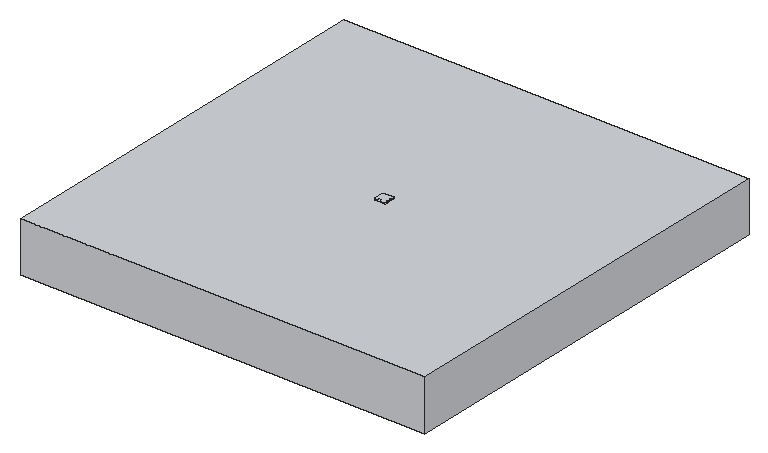
Revit family "Gira_200800", category Allgemeines Modell, Revit 2017
Family settings
  Basisbauteil = Fläche
  Kann Basisbauteil für Bewehrung sein = Nein
  Bemaßung runder Anschluss = Durchmesser verwenden
  Teiletyp = Normal
  Beim Laden mit Abzugskörper schneiden = Nein
  Gemeinsam genutzt = Nein
  Raumberechnungspunkt = Nein
Parameters
  With memory function = no
  With glass breaking detector connection = no
  With brightness sensor connection = no
  With Astro program = no
  Default Elevation = 1219.2 mm
  URL = "https://www.gira.de/"
  Typname = "Bus coup.3 KNX insert"
  Type of fastening = "Mounting with claw and screw"
  Transparent = no
  Switch-off protection = no
  Surface protection = "Other"
  Surface finishing = "Not applicable"
  Suitable for wind sensor = no
  Suitable for rain sensor = no
  Suitable for degree of protection (IP) = "IP20"
  Substation input = no
  Random generator = no
  Radio frequent bidirectional = no
  Productwebsite = "http://katalog.gira.de/en/datenblatt.html?artikelnr=200800"
  Other bus systems = "None"
  Nominal voltage [Volt] = 230
  Mounting method = "Flush mounted (plaster)"
  Max. switching power [Voltampere] = 1000
  Material quality = "Other"
  Material = "Other"
  Integrated timer = no
  Hersteller = "Gira"
  Halogen free = no
  HAN = "200800"
  GTIN = "4010337082187"
  Frequency [Hz] = "[50:50]"
  Data sheet = "https://katalog.gira.de/en/download.html?artikelnr=200800"
  Colour = "Other"
  Bus system radio frequent = no
  Bus system Powernet = no
  Bus system LON = no
  Bus system KNX radio = no
  Bus system KNX = yes
  Beschreibung = "Ins.bus coup.3 KNX,Insert for KNX bus coupler 3,,,Features:,- The bus coupler 3 connects the KNX system to a KNX application module.,- The combination of bus coupler 3 and application module represents a functional unit.,- In the ETS project, this unit is configured in the form of the application program of the application module."
  BIM = "https://media.stage.bim.site/public/gira/ad86d9f/Einsatz_1fach.rfa"
  Assembly arrangement = "Basic element"
Reference planes
  plane 1 "Center (Front/Back)": y = 0
  plane 2: z = 0
  plane 3 "Center (Left/Right)": x = 0
Forms (mm)
  Extrusion 1, solid
    sketch origin (0, 0, 0) x (1, 0, 0) y (0, 1, 0)
      loop
        line (-1219.2, 1219.2) -> (-1219.2, -1219.2) -> (1219.2, -1219.2) -> (1219.2, 1219.2) -> (-1219.2, 1219.2)
    from 0 to -304.8
  Extrusion 2, solid, detail levels fine
    sketch origin (0, 0, 0) x (1, 0, 0) y (0, 1, 0)
      loop
        line (27.475, 35.475) -> (-27.475, 35.475)
        arc (-27.475, 35.475) -> (-33.132, 33.132) -> (-35.475, 27.475) r 8
        line (-35.475, 27.475) -> (-35.475, -27.475)
        arc (-35.475, -27.475) -> (-33.132, -33.132) -> (-27.475, -35.475) r 8
        line (-27.475, -35.475) -> (27.475, -35.475)
        arc (27.475, -35.475) -> (33.132, -33.132) -> (35.475, -27.475) r 8
        line (35.475, -27.475) -> (35.475, 27.475)
        arc (35.475, 27.475) -> (33.132, 33.132) -> (27.475, 35.475) r 8
    from 0 to 1.8
  Extrusion 3, solid, detail levels fine
    sketch origin (0, 0, 0) x (1, 0, 0) y (0, 1, 0)
      loop
        line (9.678, 25.4) -> (-9.678, 25.4)
        arc (-9.678, 25.4) -> (-12.885, 24.922) -> (-15.814, 23.53) r 11
        arc (-15.814, 23.53) -> (-17.795, 22.07) -> (-19.641, 20.444) r 28.35
        arc (-19.641, 20.444) -> (-21.339, 18.665) -> (-22.876, 16.745) r 28.35
        arc (-22.876, 16.745) -> (-24.456, 13.666) -> (-25, 10.248) r 11
        line (-25, 10.248) -> (-25, -10.248)
        arc (-25, -10.248) -> (-24.456, -13.666) -> (-22.876, -16.745) r 11
        arc (-22.876, -16.745) -> (-20.409, -19.677) -> (-17.569, -22.25) r 28.35
        line (-17.569, -22.25) -> (17.569, -22.25)
        arc (17.569, -22.25) -> (20.409, -19.677) -> (22.876, -16.745) r 28.35
        arc (22.876, -16.745) -> (24.456, -13.666) -> (25, -10.248) r 11
        line (25, -10.248) -> (25, 10.248)
        arc (25, 10.248) -> (24.456, 13.666) -> (22.876, 16.745) r 11
        arc (22.876, 16.745) -> (21.593, 18.37) -> (20.195, 19.897) r 28.35
        arc (20.195, 19.897) -> (18.096, 21.823) -> (15.814, 23.53) r 28.35
        arc (15.814, 23.53) -> (12.885, 24.922) -> (9.678, 25.4) r 11
    from 0 to -22
  Extrusion 4, solid, detail levels medium
    sketch origin (0, 0, 0) x (1, 0, 0) y (0, 1, 0)
      loop
        line (-25, 25.4) -> (-25, -22.25) -> (25, -22.25) -> (25, 25.4) -> (-25, 25.4)
    from 0 to -22
  Extrusion 5, solid, detail levels coarse
    sketch origin (0, 0, 0) x (1, 0, 0) y (0, 1, 0)
      loop
        line (35.475, 35.475) -> (-35.475, 35.475) -> (-35.475, -35.475) -> (35.475, -35.475) -> (35.475, 35.475)
    from -22 to 1.8
  Extrusion 6, solid, detail levels medium
    sketch origin (0, 0, 0) x (1, 0, 0) y (0, 1, 0)
      loop
        line (35.475, 35.475) -> (-35.475, 35.475) -> (-35.475, -35.475) -> (35.475, -35.475) -> (35.475, 35.475)
    from 0 to 1.8
Dimensions and locks
  aligned and locked: plane 2 to Extrusion 1
  aligned and locked: level to Extrusion 1
Connectors
  electrical at (0, 0, -22)
    settings: on Extrusion 5, index 1, voltage 220 V, apparent load 0 VA, apparent load phase1 0 VA, apparent load phase2 0 VA, apparent load phase3 0 VA, power factor 1, load classification "Other", number of poles 1, system type 30, power factor state 1, is connector primary yes, connector utility no, sub classification motor no, connector description ""
